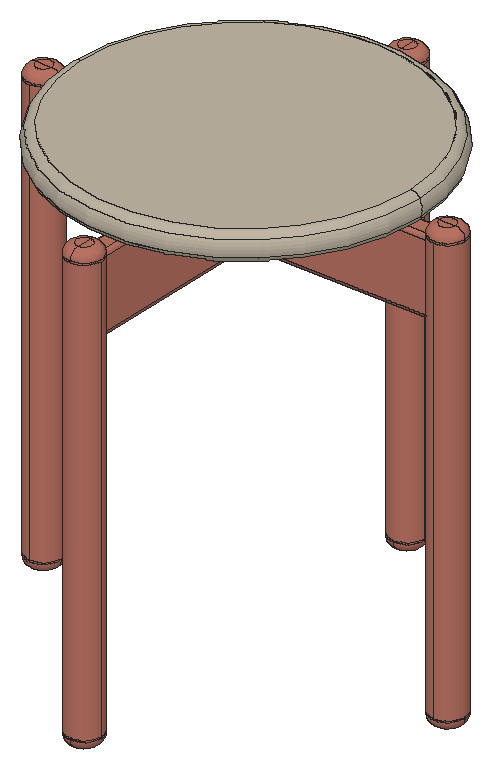
Revit family "revitupgrade", category Furniture, Revit 2025
Family settings
  OmniClass Number = 23.40.70.14.64.11
  OmniClass Title = Office Furniture
  Work Plane-Based = No
  Enable Cutting in Views = No
  Always vertical = Yes
  Cut with Voids When Loaded = No
  Render Appearance Source = Family Geometry
  Shared = No
  Room Calculation Point = No
Parameters (values of type "Red Frame")
  URL = "https://www.steelcase.com/asia-en/m-a-d/"
  Style Number(s) = "MD4SOCIALSTM"  # constant formula
  Seating Finish = m.a.d. - Natural Ash
  Release Date = "May 2024"  # constant formula
  Manufacturer = "M.A.D."  # constant formula
  Frame Finish [instance] = m.a.d_Paint_TerraCotta
  Description = "Social Low Stool Metal legs"  # constant formula
  Default Elevation = 0.00 mm
  Copyright = "© 2010 Steelcase Inc."  # constant formula
  Assembly Code = "E2020200"
Types (3, lengths in mm): name | Frame Finish
  Grey Frame | m.a..d - Dove Grey
  Green Frame | m.a.d - Moss Green
  Red Frame | m.a.d_Paint_TerraCotta
Reference planes
  plane 1 "Center Front/Back": y = 0
  plane 2 "Bottom": z = 0
  plane 3 "Center Left/Right": x = 0
  plane 4 "Top": z = 434.547
  plane 5: z = 408.97
  plane 6: z = 338.039
  plane 7: z = 419.102
  plane 8: x = -205.183
  plane 9: x = 205.183
Forms (mm)
  Extrusion 1, solid, material "m.a.d. - Natural Ash" <- "Seating Finish"
    sketch origin (0, 0, 434.547) x (-1, 0, 0) y (0, -1, 0)
      loop
        circle (0, 0) r 152
    from -25.576 to 0
  Extrusion 2, solid, material "m.a.d_Paint_TerraCotta" <- "Frame Finish"
    sketch origin (-1.035, 280.126, 0) x (1, 0, 0) y (0, 0, 1)
      loop
        line (7.001, 408.242) -> (-5.149, 408.242)
        arc (-5.149, 408.242) -> (-7.624, 407.216) -> (-8.649, 404.741) r 3.5
        line (-8.649, 404.741) -> (-8.648, 341.539)
        arc (-8.648, 341.539) -> (-7.623, 339.064) -> (-5.148, 338.039) r 3.5
        line (-5.148, 338.039) -> (7.001, 338.039)
        arc (7.001, 338.039) -> (9.476, 339.064) -> (10.501, 341.539) r 3.5
        line (10.501, 341.539) -> (10.501, 404.742)
        arc (10.501, 404.742) -> (9.476, 407.216) -> (7.001, 408.242) r 3.5
    from 102.59 to 459.147
  Extrusion 3, solid, material "m.a.d_Paint_TerraCotta" <- "Frame Finish"
    sketch origin (0, -32.851, -9.064) x (1, 0, 0) y (0, 1, 0)
      loop
        circle (0, 222.096) r 16
    from 19.065 to 418.036
  Sweep 4, solid, material "m.a.d. - Natural Ash" <- "Seating Finish"
    path origin (0, 0, 434.547) x (-1, 0, 0) y (0, -1, 0)
      loop
        circle (0, 0) r 152
    profile origin (0, 152, 434.547) x (0, -1, 0) y (0, 0, 1)
      loop
        arc (-12.394, -18.928) -> (-8.737, -23.746) -> (-2.972, -25.575) r 10
        line (-2.972, -25.575) -> (0, -25.575) -> (0, 0) -> (-2.311, 0)
        arc (-2.311, 0) -> (-7.074, -1.207) -> (-10.687, -4.537) r 10
        arc (-10.687, -4.537) -> (-13.225, -11.533) -> (-12.394, -18.928) r 16.324
  Extrusion 5, solid, material "m.a.d_Paint_TerraCotta" <- "Frame Finish"
    sketch origin (0, 32.851, -9.064) x (-1, 0, 0) y (0, -1, 0)
      loop
        circle (0, 222.096) r 16
    from 19.065 to 418.036
  Extrusion 6, solid, material "m.a.d_Paint_TerraCotta" <- "Frame Finish"
    sketch origin (32.851, 0, -9.064) x (0, 1, 0) y (-1, 0, 0)
      loop
        circle (0, 222.096) r 16
    from 19.065 to 418.036
  Extrusion 7, solid, material "m.a.d_Paint_TerraCotta" <- "Frame Finish"
    sketch origin (-32.851, 0, -9.064) x (0, -1, 0) y (1, 0, 0)
      loop
        circle (0, 222.096) r 16
    from 19.065 to 418.036
  Extrusion 8, solid, material "m.a.d_Paint_TerraCotta" <- "Frame Finish"
    sketch origin (0, 0, 0) x (0, 1, 0) y (0, 0, 1)
      loop
        arc (-6.075, 408.242) -> (-8.549, 407.216) -> (-9.575, 404.742) r 3.5
        line (-9.575, 404.742) -> (-9.575, 341.539)
        arc (-9.575, 341.539) -> (-8.549, 339.064) -> (-6.075, 338.039) r 3.5
        line (-6.075, 338.039) -> (6.075, 338.039)
        arc (6.075, 338.039) -> (8.549, 339.064) -> (9.575, 341.539) r 3.5
        line (9.575, 341.539) -> (9.575, 404.741)
        arc (9.575, 404.741) -> (8.55, 407.216) -> (6.075, 408.242) r 3.5
        line (6.075, 408.242) -> (-6.075, 408.242)
    from -177.239 to 178.614
  Revolve 9, solid, material "m.a.d_Paint_TerraCotta" <- "Frame Finish"
    sketch origin (0, 0, 0) x (0, 1, 0) y (0, 0, 1)
      loop
        line (189.245, 408.97) -> (205.245, 408.97) -> (205.245, 410.602)
        arc (205.245, 410.602) -> (202.755, 416.612) -> (196.745, 419.102) r 8.5
        line (196.745, 419.102) -> (189.245, 419.102) -> (189.245, 408.97)
      loop
        line (189.245, 10.001) -> (189.245, 0) -> (196.745, 0)
        arc (196.745, 0) -> (202.755, 2.49) -> (205.245, 8.5) r 8.5
        line (205.245, 8.5) -> (205.245, 10.001) -> (189.245, 10.001)
      axis (189.245, 0) -> (189.245, 419.102)
    angle from 0 to 360
  Revolve 10, solid, material "m.a.d_Paint_TerraCotta" <- "Frame Finish"
    sketch origin (0, 0, 0) x (1, 0, 0) y (0, 0, 1)
      loop
        line (189.245, 419.102) -> (189.245, 408.97) -> (205.245, 408.97) -> (205.245, 410.602)
        arc (205.245, 410.602) -> (202.755, 416.612) -> (196.745, 419.102) r 8.5
        line (196.745, 419.102) -> (189.245, 419.102)
      loop
        arc (196.745, 0) -> (202.755, 2.49) -> (205.245, 8.5) r 8.5
        line (205.245, 8.5) -> (205.245, 10.001) -> (189.245, 10.001) -> (189.245, 0) -> (196.745, 0)
      axis (189.245, 419.102) -> (189.245, 0)
    angle from 0 to 360
  Revolve 11, solid, material "m.a.d_Paint_TerraCotta" <- "Frame Finish"
    sketch origin (0, 0, 0) x (0, -1, 0) y (0, 0, 1)
      loop
        line (189.245, 408.97) -> (205.245, 408.97) -> (205.245, 410.602)
        arc (205.245, 410.602) -> (202.755, 416.612) -> (196.745, 419.102) r 8.5
        line (196.745, 419.102) -> (189.245, 419.102) -> (189.245, 408.97)
      loop
        line (189.245, 10.001) -> (189.245, 0) -> (196.745, 0)
        arc (196.745, 0) -> (202.755, 2.49) -> (205.245, 8.5) r 8.5
        line (205.245, 8.5) -> (205.245, 10.001) -> (189.245, 10.001)
      axis (189.245, 0) -> (189.245, 419.102)
    angle from 0 to 360
  Revolve 12, solid, material "m.a.d_Paint_TerraCotta" <- "Frame Finish"
    sketch origin (0, 0, 0) x (-1, 0, 0) y (0, 0, -1)
      loop
        line (189.245, -419.102) -> (196.745, -419.102)
        arc (196.745, -419.102) -> (202.755, -416.612) -> (205.245, -410.602) r 8.5
        line (205.245, -410.602) -> (205.245, -408.97) -> (189.245, -408.97) -> (189.245, -419.102)
      loop
        line (196.745, 0) -> (189.245, 0) -> (189.245, -10.001) -> (205.245, -10.001) -> (205.245, -8.5)
        arc (205.245, -8.5) -> (202.755, -2.49) -> (196.745, 0) r 8.5
      axis (189.245, -419.102) -> (189.245, 0)
    angle from 0 to 360
Cuts and joins
  joined: Extrusion 2, Extrusion 3, Extrusion 5, Revolve 9, Revolve 11
  joined: Extrusion 7, Revolve 10
  joined: Extrusion 6, Revolve 12
  joined: Extrusion 1, Sweep 4
Lines and regions (mm)
  Masking region 1
    outline origin (0, 0, 434.547) x (-1, 0, 0) y (0, -1, 0)
      loop
        line (164.709, -9.79) -> (176.51, -9.79)
        arc (176.51, -9.79) -> (205.183, 0.135) -> (176.424, 9.807) r 16.03
        line (176.424, 9.807) -> (164.708, 9.807)
        arc (164.708, 9.807) -> (116.673, 116.673) -> (9.807, 164.708) r 165
        line (9.807, 164.708) -> (9.807, 176.524)
        arc (9.807, 176.524) -> (-0.157, 205.183) -> (-9.79, 176.411) r 16.03
        line (-9.79, 176.411) -> (-9.79, 164.709)
        arc (-9.79, 164.709) -> (-116.666, 116.679) -> (-164.708, 9.807) r 165
        line (-164.708, 9.807) -> (-176.424, 9.807)
        arc (-176.424, 9.807) -> (-205.183, 0.135) -> (-176.51, -9.79) r 16.03
        line (-176.51, -9.79) -> (-164.709, -9.79)
        arc (-164.709, -9.79) -> (-116.673, -116.673) -> (-9.79, -164.709) r 165
        line (-9.79, -164.709) -> (-9.79, -176.411)
        arc (-9.79, -176.411) -> (-0.157, -205.183) -> (9.807, -176.524) r 16.03
        line (9.807, -176.524) -> (9.807, -164.708)
        arc (9.807, -164.708) -> (116.679, -116.666) -> (164.709, -9.79) r 165
  symbolic lines, style "Steelcase Furniture"
    curve 1: arc (-176.424, -9.807, 434.547) -> (-173.073, -0.065, 434.547) -> (-176.424, 9.678, 434.547) r 15.839
    curve 2: arc (176.424, -9.807, 434.547) -> (173.073, -0.065, 434.547) -> (176.424, 9.678, 434.547) r 15.839
    curve 3: arc (-9.705, 176.361, 434.547) -> (0.037, 173.009, 434.547) -> (9.78, 176.357, 434.547) r 15.839
    curve 4: arc (-9.78, -176.487, 434.547) -> (-0.037, -173.138, 434.547) -> (9.705, -176.491, 434.547) r 15.839
    curve 5: arc (-9.807, 164.708, 434.547) -> (0, 164.847, 434.547) -> (9.807, 164.708, 434.547) r 345.644
    curve 6: arc (-9.807, -164.708, 434.547) -> (0, -164.847, 434.547) -> (9.807, -164.708, 434.547) r 345.644
    curve 7: arc (-164.709, 9.79, 434.547) -> (-165.06, 0, 434.547) -> (-164.709, -9.79, 434.547) r 136.856
    curve 8: arc (164.709, 9.79, 434.547) -> (165.06, 0, 434.547) -> (164.709, -9.79, 434.547) r 136.856
Dimensions and locks
  aligned and locked: level to plane 2 "Bottom"
  aligned and locked: Extrusion 1 to plane 4 "Top"
  aligned and locked: plane 5 to Extrusion 1
  aligned and locked: plane 6 to Extrusion 2 sketch curve
